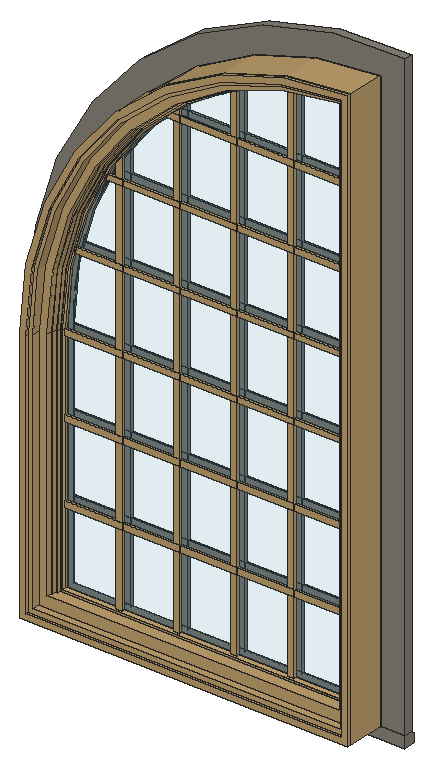
Revit family (continued)
Definition of nested family "Roundtop_Section_Detail"
  Definition of nested family "Head_Detail"
    Lines and regions (in)
      detail lines, style "Cut Lines", in view "Ref. Level"
        curve 15: line (2.34399, -2.5005, 0) -> (2, -2.5005, 0)
        curve 16: line (2.87449, -2.1255, 0) -> (2.87449, -2.313, 0)
        curve 17: line (0.53125, -0.8125, 0) -> (0.53125, -1.188, 0)
        curve 18: line (0.125, -0.8125, 0) -> (0.53125, -0.8125, 0)
        curve 19: line (0.125, -2.696, 0) -> (0.125, -0.8125, 0)
        curve 20: line (0.2358, -2.696, 0) -> (0.125, -2.696, 0)
        curve 21: line (0.44605, -2.90625, 0) -> (0.2358, -2.696, 0)
        curve 22: line (0.47297, -2.208, 0) -> (0.47297, -2.90625, 0)
        curve 23: line (1.50299, -2.208, 0) -> (0.47297, -2.208, 0)
        curve 24: line (1.50299, -2.90625, 0) -> (1.50299, -2.208, 0)
        curve 25: line (1.66374, -2.90625, 0) -> (1.50299, -2.90625, 0)
        curve 26: line (2, -2.677, 0) -> (1.89299, -2.677, 0)
        curve 27: line (2, -0.625, 0) -> (2, -2.677, 0)
        curve 28: line (0.47297, -2.90625, 0) -> (0.44605, -2.90625, 0)
        curve 29: line (1.89299, -2.677, 0) -> (1.66374, -2.90625, 0)
        curve 30: line (2.34399, -2.5005, 0) -> (2.34399, -2.313, 0)
        curve 31: line (1.31549, -2.45402, 0) -> (0.69049, -2.45402, 0)
        curve 32: line (1.31549, -2.6605, 0) -> (0.69049, -2.6605, 0)
        curve 33: line (1.50299, -2.353, 0) -> (1.31549, -2.353, 0)
        curve 34: line (0.69049, -2.353, 0) -> (0.50199, -2.353, 0)
      detail lines, style "Cut Lines", in view "Ref. Level", visible <- "Flange"
        curve 7: line (0, 1.5, 0) -> (0, 0.15, 0)
        curve 8: line (-0.04501, 0, 0) -> (-0.04501, 1.5, 0)
        curve 9: line (-0.04501, 1.5, 0) -> (0, 1.5, 0)
        curve 10: line (0.10999, 0.15, 0) -> (0.10999, 0, 0)
        curve 11: line (0, 0.15, 0) -> (0.10999, 0.15, 0)
    Dimensions and locks (in)
      aligned and locked: curve 25 to curve 28
      aligned and locked: curve 24 to curve 33
  Definition of nested family "Sill_Detail"
    Parameters (values of type "Jamb_Detail")
      Flange = yes
      Assembly Code = ""
    Reference planes (in)
      plane 1 "Center (Front/Back)": y = 0
      plane 2: z = 0
      plane 3 "Center (Left/Right)": x = 0
    Lines and regions (in)
      detail lines, style "Cut Lines", in view "Ref. Level"
        curve 1: line (4.56199, 0, 0) -> (4.56199, 1.188, 0)
        curve 2: line (-1.09401, 0, 0) -> (4.56199, 0, 0)
        curve 3: line (4.56199, 1.188, 0) -> (0.53125, 1.188, 0)
        curve 4: line (-1.09401, 0.52105, 0) -> (-1.09401, 0, 0)
        curve 5: line (0.39248, 0.625, 0) -> (-1.09401, 0.52105, 0)
        curve 6: line (0.39248, 0.625, 0) -> (2, 0.625, 0)
        curve 12: line (3.53074, 1.188, 0) -> (3.53074, 2.5005, 0)
        curve 13: line (3.53074, 2.5005, 0) -> (2, 2.5005, 0)
        curve 14: line (0.53125, 0.8125, 0) -> (0.53125, 1.188, 0)
        curve 15: line (0.125, 0.8125, 0) -> (0.53125, 0.8125, 0)
        curve 16: line (0.125, 2.696, 0) -> (0.125, 0.8125, 0)
        curve 17: line (0.2358, 2.696, 0) -> (0.125, 2.696, 0)
        curve 18: line (0.44605, 2.90625, 0) -> (0.2358, 2.696, 0)
        curve 19: line (0.47297, 2.208, 0) -> (0.47297, 2.90625, 0)
        curve 20: line (1.50299, 2.208, 0) -> (0.47297, 2.208, 0)
        curve 21: line (1.50299, 2.90625, 0) -> (1.50299, 2.208, 0)
        curve 22: line (1.66374, 2.90625, 0) -> (1.50299, 2.90625, 0)
        curve 23: line (2, 2.677, 0) -> (1.89299, 2.677, 0)
        curve 24: line (2, 0.625, 0) -> (2, 2.677, 0)
        curve 25: line (0.47297, 2.90625, 0) -> (0.44605, 2.90625, 0)
        curve 26: line (1.89299, 2.677, 0) -> (1.66374, 2.90625, 0)
        curve 27: line (1.31549, 2.45402, 0) -> (0.69049, 2.45402, 0)
        curve 28: line (1.31549, 2.6605, 0) -> (0.69049, 2.6605, 0)
        curve 29: line (1.50299, 2.353, 0) -> (1.31549, 2.353, 0)
        curve 30: line (0.69049, 2.353, 0) -> (0.50199, 2.353, 0)
      detail lines, style "Cut Lines", in view "Ref. Level", visible <- "Flange"
        curve 7: line (0, -1.5, 0) -> (0, -0.15, 0)
        curve 8: line (-0.04501, 0, 0) -> (-0.04501, -1.5, 0)
        curve 9: line (-0.04501, -1.5, 0) -> (0, -1.5, 0)
        curve 10: line (0.10999, -0.15, 0) -> (0.10999, 0, 0)
        curve 11: line (0, -0.15, 0) -> (0.10999, -0.15, 0)
